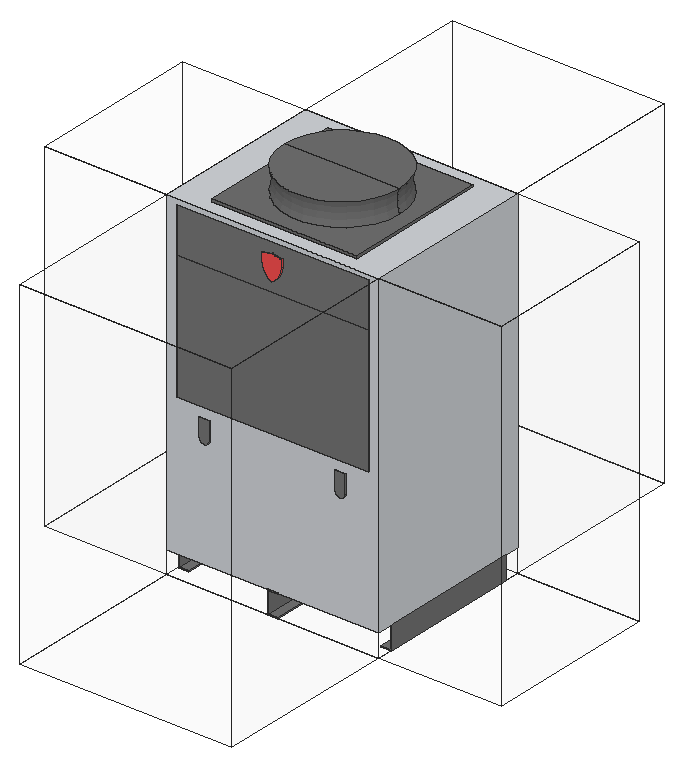
Revit family "Air Source 140,000 BTU", category Mechanical Equipment, Revit 2018
Family settings
  Round Connector Dimension = Use Diameter
  Part Type = Normal
  Work Plane-Based = No
  Always vertical = Yes
  Cut with Voids When Loaded = No
  Shared = No
  Room Calculation Point = No
Parameters (values of type "140,000 BTU")
  WEIGHT = "767"
  WATER CONN SIZE = 1 1/2"
  UNIT WIDTH = 41 5/8"
  UNIT LENGTH = 34"
  URL = ""
  SES BIM Studio # = "23 0649 01"
  Manufacturer = "Lochinvar"
  Lbs.R513a = "14"
  Description = "Air Source Heat Pump Water Heater"
  Compressor Type = "Scroll"
  Clearance Right = 24"
  Clearance Rear = 36"
  Clearance Left = 24"
  Clearance Front = 36"
  Clearance [instance] = yes
  BTUH Heating = "135,897"
  Air Volume (CFM) = "7,683"
  440V-480V/3PH/60HZ RLA = "35"
  440V-480V/3PH/60HZ MOCP = "45"
  440V-480V/3PH/60HZ MCA = "43.75"
Reference planes (in)
  plane 1 "Unit Back": y = 0
  plane 2: z = 0
  plane 3 "Center (Left/Right)": x = 0
  plane 4 "Support Top": z = 4.5
  plane 5 "Unit Body Top": z = 66.75
  plane 6 "Fan Top": z = 71.75
  plane 7 "Fan Center": y = -17
  plane 8 "Unit Front": y = -34
  plane 9 "Unit Body Plate Top": z = 67.25
  plane 10 "Unit Right": x = 20.8125
  plane 11 "Unit Left": x = -20.8125
  plane 12 "Water Inlet Center": z = 7.5
  plane 13 "Water Outlet Center": z = 13.5
  plane 14 "Water Inlet/Outlet Center": x = -1.3125
  plane 15 "Flange Back": y = 4.5
  plane 16 "Pipe Back": y = 4.25
  plane 17 "Support Front": y = -31
  plane 18 "Support Back": y = -3
  plane 19: x = 11.25
  plane 20: x = -11.25
  plane 21: x = -2
  plane 22: x = 2
  plane 23: x = -14.25
  plane 24: x = 14.25
  plane 25: y = -2.75
  plane 26: y = -31.25
  plane 27: y = -70
  plane 28: y = 36
  plane 29: x = 44.8125
  plane 30: x = -44.8125
Forms (in)
  Extrusion 1, solid
    sketch origin (0, 0, 4.5) x (-1, 0, 0) y (0, -1, 0)
      loop
        line (20.8125, 0) -> (20.8125, 34) -> (-20.8125, 34) -> (-20.8125, 0) -> (20.8125, 0)
    from 0 to 62.25
  Revolve 2, solid, material "Grille/Fan/Supports"
    sketch origin (0, -17, 0) x (-1, 0, 0) y (0, 0, 1)
      loop
        line (0, 71.75) -> (-11.25, 71.75)
        arc (-11.25, 71.75) -> (-10.8028, 69.5) -> (-11.25, 67.25) r 5.88383
        line (-11.25, 67.25) -> (0, 67.25) -> (0, 71.75)
      axis (0, 71.75) -> (0, 67.25)
    angle from 0 to 360
  Extrusion 3, solid, material "Grille/Fan/Supports"
    sketch origin (0, 0, 66.75) x (-1, 0, 0) y (0, -1, 0)
      loop
        line (14.25, 2.75) -> (14.25, 31.25) -> (-14.25, 31.25) -> (-14.25, 2.75) -> (14.25, 2.75)
    from 0 to 0.5
  Extrusion 4, solid
    sketch origin (-20.8125, 0, 4.5) x (1, 0, 0) y (0, 0, -1)
      loop
        circle (19.5, -3) r 0.75
      loop
        circle (19.5, -9) r 0.75
    from 0 to 4.25
  Extrusion 5, solid
    sketch origin (-20.8125, 4.25, 4.5) x (1, 0, 0) y (0, 0, -1)
      loop
        circle (19.5, -9) r 2.25
      loop
        circle (19.5, -3) r 2.25
    from 0 to 0.25
  Extrusion 6, solid, material "Grille/Fan/Supports"
    sketch origin (0, -31, 0) x (-1, 0, 0) y (0, 0, 1)
      loop
        line (20.8125, 4.5) -> (18.8125, 4.5) -> (18.8125, 4.3125) -> (20.625, 4.3125) -> (20.625, 0.1875) -> (18.8125, 0.1875) -> (18.8125, 0) -> (20.8125, 0) -> (20.8125, 4.5)
      loop
        line (-20.8125, 4.5) -> (-20.8125, 0) -> (-18.8125, 0) -> (-18.8125, 0.1875) -> (-20.625, 0.1875) -> (-20.625, 4.3125) -> (-18.8125, 4.3125) -> (-18.8125, 4.5) -> (-20.8125, 4.5)
    from 0 to 28
  Extrusion 7, solid, material "Grille/Fan/Supports"
    sketch origin (0, -34, 0) x (-1, 0, 0) y (0, 0, 1)
      loop
        line (1, 4.5) -> (-1, 4.5) -> (-1, 4.3125) -> (0.8125, 4.3125) -> (0.8125, 0.1875) -> (-1, 0.1875) -> (-1, 0) -> (1, 0) -> (1, 4.5)
    from 0 to 34
  Extrusion 8, solid, material "Grille/Fan/Supports"
    sketch origin (20.8125, -34, 4.5) x (-1, 0, 0) y (0, 0, -1)
      loop
        line (35.125, -25.6875) -> (35.125, -22.1875)
        arc (35.125, -22.1875) -> (34.125, -21.1875) -> (33.125, -22.1875) r 1
        line (33.125, -22.1875) -> (33.125, -25.6875) -> (35.125, -25.6875)
      loop
        line (6.5, -25.6875) -> (8.5, -25.6875) -> (8.5, -22.1875)
        arc (8.5, -22.1875) -> (7.5, -21.1875) -> (6.5, -22.1875) r 1
        line (6.5, -22.1875) -> (6.5, -25.6875)
    from 0 to 0.1875
  Extrusion 9, void
    sketch origin (20.8125, -34, 4.5) x (1, 0, 0) y (0, 0, -1)
      loop
        line (-39.625, -52.5) -> (-2, -52.5) -> (-2, -27.5) -> (-39.625, -27.5) -> (-39.625, -52.5)
    from 0 to 1
  Extrusion 10, solid, material "Grille/Fan/Supports"
    sketch origin (20.8125, -33, 4.5) x (-1, 0, 0) y (0, 0, -1)
      loop
        line (39.625, -52.5) -> (39.625, -27.5) -> (2, -27.5) -> (2, -52.5) -> (39.625, -52.5)
    from 0 to 1
  Extrusion 11, void
    sketch origin (20.8125, -34, 4.5) x (1, 0, 0) y (0, 0, -1)
      loop
        line (-39.625, -61.25) -> (-2, -61.25) -> (-2, -52.5) -> (-39.625, -52.5) -> (-39.625, -61.25)
    from 0 to 1
  Extrusion 12, solid, material "Grille/Fan/Supports"
    sketch origin (20.8125, -33, 4.5) x (-1, 0, 0) y (0, 0, -1)
      loop
        line (39.625, -61.25) -> (39.625, -52.5) -> (2, -52.5) -> (2, -61.25) -> (39.625, -61.25)
    from 0 to 1
  Extrusion 13, solid, material "Logo"
    sketch origin (20.8125, -34, 4.5) x (-1, 0, 0) y (0, 0, -1)
      loop
        line (20.8125, -59.375) -> (22.8125, -59.02235) -> (22.71994, -57.53655)
        arc (22.71994, -57.53655) -> (22.1536, -55.72206) -> (20.8125, -54.375) r 3.99308
        arc (20.8125, -54.375) -> (19.4714, -55.72206) -> (18.90506, -57.53655) r 3.99308
        line (18.90506, -57.53655) -> (18.8125, -59.02235) -> (20.8125, -59.375)
    from 0 to 0.25
  Extrusion 14, solid, material "Clearance", visible <- "Clearance"
    sketch origin (0, 0, 0) x (1, 0, 0) y (0, 1, 0)
      loop
        line (20.8125, 0) -> (20.8125, -34) -> (44.8125, -34) -> (44.8125, 0) -> (20.8125, 0)
    from 0 to 66.75
  Extrusion 15, solid, material "Clearance", visible <- "Clearance"
    sketch origin (0, 0, 0) x (1, 0, 0) y (0, 1, 0)
      loop
        line (-44.8125, 0) -> (-44.8125, -34) -> (-20.8125, -34) -> (-20.8125, 0) -> (-44.8125, 0)
    from 0 to 66.75
  Extrusion 16, solid, material "Clearance", visible <- "Clearance"
    sketch origin (0, 0, 0) x (1, 0, 0) y (0, 1, 0)
      loop
        line (-20.8125, -34) -> (-20.8125, -70) -> (20.8125, -70) -> (20.8125, -34) -> (-20.8125, -34)
    from 0 to 66.75
  Extrusion 17, solid, material "Clearance", visible <- "Clearance"
    sketch origin (0, 0, 0) x (1, 0, 0) y (0, 1, 0)
      loop
        line (-20.8125, 0) -> (20.8125, 0) -> (20.8125, 36) -> (-20.8125, 36) -> (-20.8125, 0)
    from 0 to 66.75
Cuts and joins
  Extrusion 9, Extrusion 11 cuts Extrusion 1
  Extrusion 11 cuts Extrusion 10
Lines and regions (in)
  model lines
    curve 1: line (-20.8125, -34, 65.75) -> (20.8125, -34, 65.75)
    curve 2: line (-18.8125, -34, 65.75) -> (-18.8125, -34, 4.5)
    curve 3: line (18.8125, -34, 65.75) -> (18.8125, -34, 4.5)
    curve 4: line (20.8125, -34, 65.75) -> (20.8125, 0, 65.75)
    curve 5: line (20.8125, 0, 65.75) -> (-20.8125, 0, 65.75)
    curve 6: line (-20.8125, 0, 65.75) -> (-20.8125, -34, 65.75)
    curve 7: line (20.8125, -32, 65.75) -> (20.8125, -32, 4.5)
    curve 8: line (20.8125, -2, 65.75) -> (20.8125, -2, 4.5)
    curve 9: line (-20.8125, -32, 65.75) -> (-20.8125, -32, 4.5)
    curve 10: line (-20.8125, -2, 65.75) -> (-20.8125, -2, 4.5)
    curve 11: line (-18.8125, -34, 31) -> (18.8125, -34, 31)
Dimensions and locks (in)
  equal spacing: plane 1 "Unit Back", plane 7 "Fan Center", plane 8 "Unit Front"
  equal spacing: plane 11 "Unit Left", plane 3 "Center (Left/Right)", plane 10 "Unit Right"
  "UNIT WIDTH": plane 11 "Unit Left" to plane 10 "Unit Right"
  "UNIT LENGTH": plane 8 "Unit Front" to plane 1 "Unit Back"
  equal spacing: plane 20, plane 3 "Center (Left/Right)", plane 19
  locked: plane 20 to plane 19 at 22.5
  equal spacing: plane 21, plane 3 "Center (Left/Right)", plane 22
  locked: plane 21 to plane 22 at 4
  equal spacing: plane 23, plane 3 "Center (Left/Right)", plane 24
  locked: plane 23 to plane 24 at 28.5
  equal spacing: plane 26, plane 7 "Fan Center", plane 25
  locked: plane 26 to plane 25 at 28.5
  locked: plane 17 "Support Front" to plane 8 "Unit Front" at 3
  "Clearance Front": plane 8 "Unit Front" to plane 27
  "Clearance Left": plane 30 to plane 11 "Unit Left"
  "Clearance Right": plane 10 "Unit Right" to plane 29
  "Clearance Rear": plane 1 "Unit Back" to plane 28
  aligned and locked: plane 2 to level
  aligned and locked: plane 5 "Unit Body Top" to Extrusion 1
  aligned and locked: plane 1 "Unit Back" to Extrusion 1 sketch curve
  aligned and locked: plane 8 "Unit Front" to Extrusion 1 sketch curve
  aligned and locked: Revolve 2 sketch curve to plane 6 "Fan Top"
  aligned and locked: Revolve 2 sketch curve to plane 9 "Unit Body Plate Top"
  aligned and locked: Extrusion 1 sketch curve to plane 11 "Unit Left"
  aligned and locked: plane 10 "Unit Right" to Extrusion 1 sketch curve
  aligned and locked: plane 14 "Water Inlet/Outlet Center" to Extrusion 4 sketch curve  (x2)
  aligned and locked: plane 12 "Water Inlet Center" to Extrusion 4 sketch curve
  aligned and locked: plane 13 "Water Outlet Center" to Extrusion 4 sketch curve
  aligned and locked: plane 16 "Pipe Back" to Extrusion 4
  aligned and locked: plane 14 "Water Inlet/Outlet Center" to Extrusion 5 sketch curve  (x2)
  aligned and locked: plane 13 "Water Outlet Center" to Extrusion 5 sketch curve
  aligned and locked: plane 12 "Water Inlet Center" to Extrusion 5 sketch curve
  aligned and locked: Extrusion 5 to Extrusion 4
  aligned and locked: plane 18 "Support Back" to Extrusion 6
  aligned and locked: Extrusion 7 to plane 1 "Unit Back"
  aligned and locked: Extrusion 10 sketch curve to cut or joined group of Extrusion 1, Extrusion 9, Extrusion 11  (x2)
  aligned and locked: Extrusion 12 sketch curve to cut or joined group of Extrusion 1, Extrusion 9, Extrusion 11
  aligned and locked: Extrusion 12 sketch curve to curve 2
  aligned and locked: Extrusion 12 sketch curve to cut or joined group of Extrusion 10, Extrusion 11
  aligned and locked: plane 22 to Extrusion 13 sketch curve
  aligned and locked: Extrusion 3 sketch curve to plane 23
  aligned and locked: plane 24 to Extrusion 3 sketch curve
  aligned and locked: plane 25 to Extrusion 3 sketch curve
  aligned and locked: Extrusion 3 sketch curve to plane 26
  aligned and locked: Extrusion 6 to plane 17 "Support Front"
  aligned and locked: Extrusion 14 sketch curve to cut or joined group of Extrusion 1, Extrusion 9, Extrusion 11  (x2)
  aligned and locked: plane 8 "Unit Front" to Extrusion 14 sketch curve
  aligned and locked: plane 29 to Extrusion 14 sketch curve
  aligned and locked: plane 1 "Unit Back" to Extrusion 15 sketch curve
  aligned and locked: Extrusion 15 sketch curve to plane 30
  aligned and locked: Extrusion 15 sketch curve to cut or joined group of Extrusion 1, Extrusion 9, Extrusion 11  (x2)
  aligned and locked: Extrusion 16 sketch curve to cut or joined group of Extrusion 1, Extrusion 9, Extrusion 11
  aligned and locked: Extrusion 16 sketch curve to plane 11 "Unit Left"
  aligned and locked: plane 27 to Extrusion 16 sketch curve
  aligned and locked: plane 10 "Unit Right" to Extrusion 16 sketch curve
  aligned and locked: Extrusion 17 sketch curve to cut or joined group of Extrusion 1, Extrusion 9, Extrusion 11  (x2)
  aligned and locked: plane 28 to Extrusion 17 sketch curve
  aligned and locked: Extrusion 17 sketch curve to plane 10 "Unit Right"
Automatic sketch dimensions
  curve 1 to Extrusion 1 = 0"  (x2)
  curve 3 to Extrusion 1 = 0"
  curve 2 to Extrusion 1 = 0"
  Extrusion 1 to curve 2 = 1"
  Extrusion 1 to curve 2 = 2"
  Extrusion 1 to curve 11 = 26 1/2"
  curve 4 to Extrusion 1 = 0"  (x2)
  curve 8 to Extrusion 1 = 0"
  curve 7 to Extrusion 1 = 0"
  curve 4 to curve 8 = 2"
  Extrusion 1 to curve 7 = 2"
  Extrusion 1 to curve 4 = 1"
  Extrusion 1 to curve 5 = 0"
  curve 5 to Extrusion 1 = 0"
  Extrusion 1 to curve 5 = 1"
  curve 6 to Extrusion 1 = 0"  (x2)
  curve 9 to Extrusion 1 = 0"
  curve 10 to Extrusion 1 = 0"
  curve 6 to curve 9 = 2"
  curve 10 to curve 6 = 2"
  Extrusion 1 to curve 6 = 1"
  level to Extrusion 7 sketch curve = 4 1/2"
  Extrusion 7 sketch curve to plane 14 "Water Inlet/Outlet Center" = 2 5/16"
  Extrusion 7 sketch curve to Extrusion 7 sketch curve = 0"
  Extrusion 7 sketch curve to Extrusion 7 sketch curve = 1 13/16"
  Extrusion 7 sketch curve to Extrusion 7 sketch curve = 3/16"  (x3)
  Extrusion 7 sketch curve to Extrusion 7 sketch curve = 4 1/8"
  Extrusion 6 sketch curve to plane 4 "Support Top" = 0"  (x2)
  plane 10 "Unit Right" to Extrusion 6 sketch curve = 0"
  Extrusion 6 sketch curve to level = 0"  (x2)
  plane 11 "Unit Left" to Extrusion 6 sketch curve = 0"
  plane 10 "Unit Right" to Extrusion 6 sketch curve = 3/16"
  Extrusion 6 sketch curve to Extrusion 6 sketch curve = 1 13/16"  (x2)
  level to Extrusion 6 sketch curve = 3/16"  (x2)
  Extrusion 6 sketch curve to plane 11 "Unit Left" = 2"  (x2)
  Extrusion 6 sketch curve to plane 11 "Unit Left" = 3/16"
  Extrusion 6 sketch curve to plane 4 "Support Top" = 3/16"  (x2)
  Extrusion 8 sketch curve to Extrusion 1 = 6 1/2"
  Extrusion 8 sketch curve to Extrusion 8 sketch curve = 1"  (x2)
  Extrusion 1 to Extrusion 8 sketch curve = 8 1/2"
  Extrusion 1 to Extrusion 8 sketch curve = 25 11/16"
  Extrusion 8 sketch curve to Extrusion 8 sketch curve = 0"
  Extrusion 8 sketch curve to Extrusion 8 sketch curve = 3 1/2"  (x2)
  curve 3 to Extrusion 1 = 2"
  plane 19 to Revolve 2 sketch curve = 0"  (x2)
  Revolve 2 sketch curve to plane 3 "Center (Left/Right)" = 0"  (x2)
  plane 10 "Unit Right" to Revolve 2 sketch curve = 4.12587"
  Revolve 2 sketch curve to plane 5 "Unit Body Top" = 5"
  plane 6 "Fan Top" to Revolve 2 sketch curve = 12"
  Extrusion 11 sketch curve to Extrusion 1 = 2"
  Extrusion 1 to Extrusion 11 sketch curve = 2"
  Extrusion 11 sketch curve to Extrusion 1 = 1"
  Extrusion 11 sketch curve to Extrusion 11 sketch curve = 8 3/4"
  Extrusion 9 sketch curve to Extrusion 1 = 2"
  Extrusion 1 to Extrusion 9 sketch curve = 2"
  Extrusion 9 sketch curve to Extrusion 1 = 9 3/4"
  Extrusion 9 sketch curve to Extrusion 9 sketch curve = 25"
  Extrusion 12 sketch curve to Extrusion 9 = 0"
  Extrusion 13 sketch curve to Extrusion 13 sketch curve = 0.07791"
  Extrusion 13 sketch curve to Extrusion 12 = 3.71345"  (x2)
  Extrusion 13 sketch curve to Extrusion 13 sketch curve = 0.17048"  (x2)
  Extrusion 13 sketch curve to Extrusion 13 sketch curve = 1.90744"
  Extrusion 13 sketch curve to Extrusion 12 = 2.22765"
  Extrusion 13 sketch curve to Extrusion 13 sketch curve = 0.09256"
  Extrusion 13 sketch curve to Extrusion 13 sketch curve = 0.35265"
  Extrusion 13 sketch curve to Extrusion 13 sketch curve = 1.23752"
  Extrusion 13 sketch curve to Extrusion 13 sketch curve = 2"
  Extrusion 13 sketch curve to Extrusion 13 sketch curve = 1.48579"
  Extrusion 13 sketch curve to Extrusion 13 sketch curve = 0.24828"
  Extrusion 10 sketch curve to Extrusion 9 = 0"  (x2)
  radius of Extrusion 4 sketch curve = 3/4"  (x2)
  radius of Extrusion 5 sketch curve = 2 1/4"  (x2)
Connectors (in)
  piping at (-1.3125, 4.5, 13.5), diameter 1.5, driven by "WATER CONN SIZE"
    settings: on Extrusion 5, index 1, connector inside diameter 24", connector length 0", flow factor 0, pipe flow 0 GPM, pressure drop 0.00 psi, fitting loss kfactor 0, connector angle 0.00°, fixture units 0, engagement length 0", angle of deflection 0.00°, flow configuration 0, flow direction 2, fitting loss method 0, system type 29, joint type 0, gender type 0, connector reference index -1, connector utility 0, adjustable connector no, is connector primary yes, connector description "Water Out"
  piping at (-1.3125, 4.5, 7.5), diameter 1.5, driven by "WATER CONN SIZE"
    settings: on Extrusion 5, index 2, connector inside diameter 24", connector length 0", flow factor 0, pipe flow 0 GPM, pressure drop 0.00 psi, fitting loss kfactor 0, connector angle 0.00°, fixture units 0, engagement length 0", angle of deflection 0.00°, flow configuration 0, flow direction 1, fitting loss method 0, system type 29, joint type 0, gender type 0, connector reference index -1, connector utility 0, adjustable connector no, is connector primary no, connector description "Water In"
